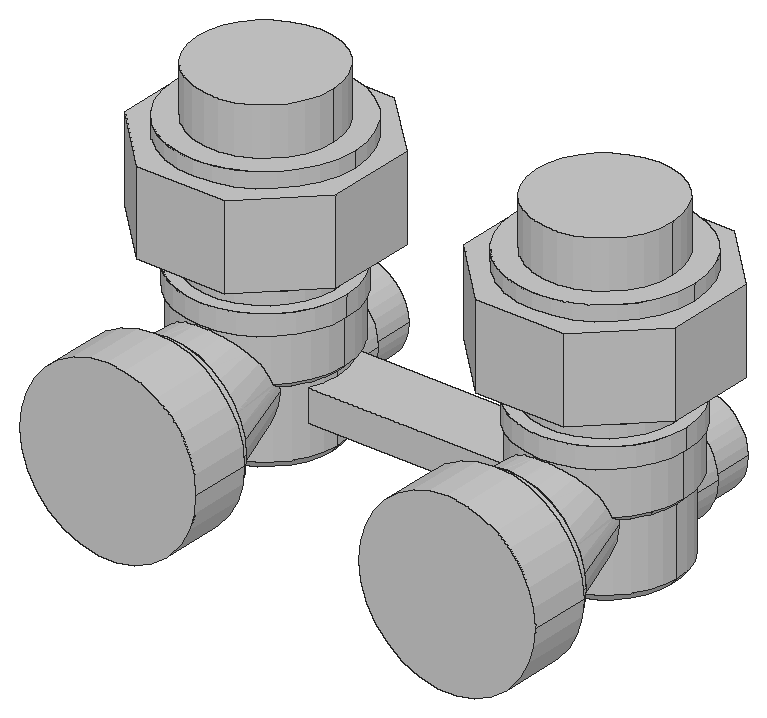
Revit family "ME_Оборудование [узел угловой для нижнего подключения радиатора с комплектом адаптеров VT.345.KNA]1 - VALTEC", category Оборудование, Revit 2018
Family settings
  Размер круглого соединителя = Использовать диаметр
  Классификация = Нет
  Тип детали = Вставляется
  На основе рабочей плоскости = Нет
  Всегда вертикально = Да
  При загрузке вырезать с полостями = Нет
  Общий = Нет
  Точка расчета площади = Нет
Parameters (values of type "VT.345.KNA")
  Таблица 2 = "ME_Оборудование [узел угловой для нижнего подключения радиатора с комплектом адаптеров VT.345.KNA] - VALTEC - Таблица 2"  # constant formula
  Таблица 1 = "ME_Оборудование [узел угловой для нижнего подключения радиатора с комплектом адаптеров VT.345.KNA] - VALTEC - Таблица 1"  # constant formula
  Материал доп.2 = Латунь - VALTEC
  Материал доп.1 = Черный - VALTEC
  Изготовитель = "VALTEC"  # constant formula
  dn9 [instance] = size_lookup(Таблица 1, "dn9", 0 mm, d1, d2)  # 23.3 mm
  dn8 [instance] = size_lookup(Таблица 1, "dn8", 0 mm, d1, d2)  # 26 mm
  dn7 [instance] = size_lookup(Таблица 1, "dn7", 0 mm, d1, d2)  # 31.2 mm
  dn6 [instance] = size_lookup(Таблица 1, "dn6", 0 mm, d1, d2)  # 19.6 mm
  dn15 [instance] = size_lookup(Таблица 1, "dn15", 0 mm, d1, d2)  # 20 mm
  dn14 [instance] = size_lookup(Таблица 1, "dn14", 0 mm, d1, d2)  # 26.5 mm
  dn13 [instance] = size_lookup(Таблица 1, "dn13", 0 mm, d1, d2)  # 13.5 mm
  dn12 [instance] = size_lookup(Таблица 1, "dn12", 0 mm, d1, d2)  # 15.3 mm
  dn11 [instance] = size_lookup(Таблица 1, "dn11", 0 mm, d1, d2)  # 12.5 mm
  dn10 [instance] = size_lookup(Таблица 1, "dn10", 0 mm, d1, d2)  # 20.1 mm
  e7 [instance] = size_lookup(Таблица 1, "e7", 0 mm, d1, d2)  # 8.8 mm
  e6 [instance] = size_lookup(Таблица 1, "e6", 0 mm, d1, d2)  # 2.1 mm
  e5 [instance] = size_lookup(Таблица 1, "e5", 0 mm, d1, d2)  # 0.9 mm
  e4 [instance] = size_lookup(Таблица 1, "e4", 0 mm, d1, d2)  # 17.2 mm
  e3 [instance] = size_lookup(Таблица 1, "e3", 0 mm, d1, d2)  # 11.2 mm
  d2 [instance] = 15 mm
  c3 [instance] = size_lookup(Таблица 1, "c3", 0 mm, d1, d2)  # 4.6 mm
  c2 [instance] = size_lookup(Таблица 1, "c2", 0 mm, d1, d2)  # 4.3 mm
  c1 [instance] = size_lookup(Таблица 1, "c1", 0 mm, d1, d2)  # 6.2 mm
  a9 [instance] = size_lookup(Таблица 1, "a9", 0 mm, d1, d2)  # 12.2 mm
  a8 [instance] = size_lookup(Таблица 1, "a8", 0 mm, d1, d2)  # 3.2 mm
  a7 [instance] = size_lookup(Таблица 1, "a7", 0 mm, d1, d2)  # 1.8 mm
  a6 [instance] = size_lookup(Таблица 1, "a6", 0 mm, d1, d2)  # 3 mm
  a5 [instance] = size_lookup(Таблица 1, "a5", 0 mm, d1, d2)  # 6.6 mm
  a4 [instance] = size_lookup(Таблица 1, "a4", 0 mm, d1, d2)  # 0.9 mm
  a3 [instance] = size_lookup(Таблица 1, "a3", 0 mm, d1, d2)  # 3 mm
  a2 [instance] = size_lookup(Таблица 1, "a2", 0 mm, d1, d2)  # 6.9 mm
  a11 [instance] = size_lookup(Таблица 1, "a11", 0 mm, d1, d2)  # 7 mm
  a10 [instance] = size_lookup(Таблица 1, "a10", 0 mm, d1, d2)  # 2.2 mm
  E [instance] = size_lookup(Таблица 1, "E", 0 mm, d1, d2)  # 47 mm
  D [instance] = size_lookup(Таблица 1, "D", 0 mm, d1, d2)  # 42 mm
  C [instance] = size_lookup(Таблица 1, "C", 0 mm, d1, d2)  # 26 mm
  B [instance] = size_lookup(Таблица 1, "B", 0 mm, d1, d2)  # 50 mm
  e2 [instance] = size_lookup(Таблица 1, "e2", 0 mm, d1, d2)  # 0.8 mm
  dn5 [instance] = size_lookup(Таблица 1, "dn5", 0 mm, d1, d2)  # 20.3 mm
  dn4 [instance] = size_lookup(Таблица 1, "dn4", 0 mm, d1, d2)  # 24.1 mm
  dn3 [instance] = size_lookup(Таблица 1, "dn3", 0 mm, d1, d2)  # 23.3 mm
  dn2 [instance] = size_lookup(Таблица 1, "dn2", 0 mm, d1, d2)  # 21.3 mm
  dn1 [instance] = size_lookup(Таблица 1, "dn1", 0 mm, d1, d2)  # 19.7 mm
  d1 [instance] = 20 mm
  e1 [instance] = size_lookup(Таблица 1, "e1", 0 mm, d1, d2)  # 5.9 mm
  a1 [instance] = size_lookup(Таблица 1, "a1", 0 mm, d1, d2)  # 1 mm
  URL = "https://valtec.ru/"
  ADSK_Расход жидкости [instance] = 0.0 L/s
  ADSK_Примечание [instance] = ""
  ADSK_Потеря давления жидкости [instance] = 0.0 Pa
  ADSK_Позиция [instance] = ""
  ADSK_Обозначение [instance] = "VT.345.KNA"  # constant formula
  ADSK_Наименование [instance] = size_lookup(Таблица 1, "", "Данный типоразмер отсутствует", d1, d2)  # "Узел угловой для нижнего подключения радиатора с комплектом адаптеров, 1/2\" x 3/4\" «евроконус»"
  ADSK_Материал = Сталь, нержавеющая - VALTEC
  ADSK_Масса [instance] = 0
  ADSK_Марка [instance] = size_lookup(Таблица 2, "", "Данный типоразмер отсутствует", d1, d2)  # "VT.345.KNA.E04"
  ADSK_Код изделия [instance] = size_lookup(Таблица 2, "", "Данный типоразмер отсутствует", d1, d2)  # "VT.345.KNA.E04"
  ADSK_Завод-изготовитель [instance] = Изготовитель  # "VALTEC"
  ADSK_Единица измерения [instance] = "шт."  # constant formula
  ADSK_URL страницы изделия = "https://valtec.ru/catalog/radiatornaya_armatura/ruchnye_klapany_dlya_radiatorov/uzel_nijnego_podklyucheniya_radiatora_uglovoj.html"
  ADSK_URL документации изделия = "https://valtec.ru/document/technical/VT.345-r-k-na-kna-0119.pdf"
  A [instance] = size_lookup(Таблица 1, "A", 0 mm, d1, d2)  # 35 mm
Reference planes
  plane 1 "По центру (Вперед/Назад)": y = 0
  plane 2: z = 0
  plane 3 "По центру (Влево/Вправо)": x = 0
  plane 4: x = -25
  plane 5: z = 10.5
  plane 6: z = 3.9
  plane 7: x = 25
  plane 8: z = -7.9
  plane 9: z = -6.9
  plane 10: z = 3
  plane 11: z = 13.5
  plane 12: z = 15.3
  plane 13: z = 18.5
  plane 14: z = 30.7
  plane 15: z = 32.9
  plane 16: z = 39.9
  plane 17 "c1": z = 2.3
  plane 18 "c2": z = -2.3
  plane 19: y = -4.3
  plane 20: y = 6.2
  plane 21: y = 11.2
  plane 22: y = 12
  plane 23: y = 17.9
  plane 24: y = -17.2
  plane 25: y = -18.1
  plane 26: y = -20.2
  plane 27: y = -29
  plane 28: z = 3.8
  plane 29: z = 3.8
  plane 30: y = 19.871
  plane 31: x = -25.688
  plane 32: x = -24.312
  plane 33: x = 25.688
  plane 34: x = 24.312
Forms (mm)
  Extrusion 1, solid, material "Сталь, нержавеющая - VALTEC" <- "ADSK_Материал", detail levels medium+fine
    sketch origin (0, 0, 0) x (1, 0, 0) y (0, 1, 0)
      loop
        circle (-25, 0) r 10.65
      loop
        circle (25, 0) r 10.65
    from -6.9 to 3
  Blend 2, solid, material "Сталь, нержавеющая - VALTEC" <- "ADSK_Материал", detail levels medium+fine
    base sketch origin (0, 0, 0) x (1, 0, 0) y (0, 1, 0)
      loop
        circle (-25, 0) r 9.85
    top sketch origin (0, 0, 0) x (1, 0, 0) y (0, 1, 0)
      loop
        circle (-25, 0) r 10.65
    from -7.9 to -6.9
  Blend 3, solid, material "Сталь, нержавеющая - VALTEC" <- "ADSK_Материал", detail levels medium+fine
    base sketch origin (50, 0, 0) x (1, 0, 0) y (0, 1, 0)
      loop
        circle (-25, 0) r 9.85
    top sketch origin (50, 0, 0) x (1, 0, 0) y (0, 1, 0)
      loop
        circle (-25, 0) r 10.65
    from -7.9 to -6.9
  Blend 4, solid, material "Сталь, нержавеющая - VALTEC" <- "ADSK_Материал", detail levels medium+fine
    base sketch origin (0, 0, 0) x (1, 0, 0) y (0, 1, 0)
      loop
        circle (-25, 0) r 10.65
    top sketch origin (0, 0, 0) x (1, 0, 0) y (0, 1, 0)
      loop
        circle (-25, 0) r 11.65
    from 3 to 3.9
  Blend 5, solid, material "Сталь, нержавеющая - VALTEC" <- "ADSK_Материал", detail levels medium+fine
    base sketch origin (50, 0, 0) x (1, 0, 0) y (0, 1, 0)
      loop
        circle (-25, 0) r 10.65
    top sketch origin (50, 0, 0) x (1, 0, 0) y (0, 1, 0)
      loop
        circle (-25, 0) r 11.65
    from 3 to 3.9
  Extrusion 6, solid, material "Сталь, нержавеющая - VALTEC" <- "ADSK_Материал", detail levels medium+fine
    sketch origin (0, 0, 0) x (1, 0, 0) y (0, 1, 0)
      loop
        circle (25, 0) r 11.65
      loop
        circle (-25, 0) r 11.65
    from 3.9 to 10.5
  Extrusion 7, solid, material "Сталь, нержавеющая - VALTEC" <- "ADSK_Материал", detail levels medium+fine
    sketch origin (0, 0, 0) x (1, 0, 0) y (0, 1, 0)
      loop
        circle (25, 0) r 12.05
      loop
        circle (-25, 0) r 12.05
    from 10.5 to 13.5
  Extrusion 8, solid, material "Сталь, нержавеющая - VALTEC" <- "ADSK_Материал", detail levels medium+fine
    sketch origin (0, 0, 0) x (1, 0, 0) y (0, 1, 0)
      loop
        circle (-25, 0) r 10.15
      loop
        circle (25, 0) r 10.15
    from 13.5 to 15.3
  Extrusion 9, solid, material "Сталь, нержавеющая - VALTEC" <- "ADSK_Материал", detail levels medium+fine
    sketch origin (0, 0, 0) x (1, 0, 0) y (0, 1, 0)
      loop
        circle (-25, 0) r 9.8
      loop
        circle (25, 0) r 9.8
    from 18.5 to 15.3
  Extrusion 10, solid, material "Сталь, нержавеющая - VALTEC" <- "ADSK_Материал", detail levels medium+fine
    sketch origin (0, 0, 0) x (1, 0, 0) y (0, 1, 0)
      loop
        circle (-25, 0) r 13.25
      loop
        circle (25, 0) r 13.25
    from 30.7 to 32.9
  Extrusion 11, solid, material "Сталь, нержавеющая - VALTEC" <- "ADSK_Материал", detail levels medium+fine
    sketch origin (0, 0, 0) x (1, 0, 0) y (0, 1, 0)
      loop
        circle (-25, 0) r 10
      loop
        circle (25, 0) r 10
    from 32.9 to 39.9
  Extrusion 12, solid, material "Сталь, нержавеющая - VALTEC" <- "ADSK_Материал", detail levels medium+fine
    sketch origin (0, 0, 0) x (1, 0, 0) y (0, 0, 1)
      loop
        line (-25, 2.3) -> (-25, -2.3) -> (25, -2.3) -> (25, 2.3) -> (-25, 2.3)
    from -6.2 to 4.3
  Extrusion 13, solid, material "Сталь, нержавеющая - VALTEC" <- "ADSK_Материал", detail levels medium+fine
    sketch origin (0, 0, 0) x (1, 0, 0) y (0, 0, 1)
      loop
        circle (-25, 0) r 6.75
      loop
        circle (25, 0) r 6.75
    from -17.9 to -12
  Blend 14, solid, material "Сталь, нержавеющая - VALTEC" <- "ADSK_Материал", detail levels medium+fine
    base sketch origin (0, 0, 0) x (1, 0, 0) y (0, 0, 1)
      loop
        circle (-25, 0) r 6.75
    top sketch origin (0, 0, 0) x (1, 0, 0) y (0, 0, 1)
      loop
        circle (-25, 0) r 7.65
    from -12 to -11.2
  Blend 15, solid, material "Сталь, нержавеющая - VALTEC" <- "ADSK_Материал", detail levels medium+fine
    base sketch origin (50, 0, 0) x (1, 0, 0) y (0, 0, 1)
      loop
        circle (-25, 0) r 6.75
    top sketch origin (50, 0, 0) x (1, 0, 0) y (0, 0, 1)
      loop
        circle (-25, 0) r 7.65
    from -12 to -11.2
  Extrusion 16, solid, material "Сталь, нержавеющая - VALTEC" <- "ADSK_Материал", detail levels medium+fine
    sketch origin (0, 0, 0) x (1, 0, 0) y (0, 0, 1)
      loop
        circle (-25, 0) r 7.65
      loop
        circle (25, 0) r 7.65
    from -11.2 to 0
  Blend 17, solid, material "Сталь, нержавеющая - VALTEC" <- "ADSK_Материал", detail levels medium+fine
    base sketch origin (0, 0, 0) x (1, 0, 0) y (0, 0, 1)
      loop
        circle (-25, 0) r 10.05
    top sketch origin (0, 0, 0) x (1, 0, 0) y (0, 0, 1)
      loop
        circle (-25, 3.8) r 6.25
    from 17.2 to 0
  Blend 18, solid, material "Сталь, нержавеющая - VALTEC" <- "ADSK_Материал", detail levels medium+fine
    base sketch origin (50, 0, 0) x (1, 0, 0) y (0, 0, 1)
      loop
        circle (-25, 0) r 10.05
    top sketch origin (50, 0, 0) x (1, 0, 0) y (0, 0, 1)
      loop
        circle (-25, 3.8) r 6.25
    from 17.2 to 0
  Blend 19, solid, material "Сталь, нержавеющая - VALTEC" <- "ADSK_Материал", detail levels medium+fine
    base sketch origin (0, 0, 0) x (1, 0, 0) y (0, 0, 1)
      loop
        circle (-25, 0) r 11.65
    top sketch origin (0, 0, 0) x (1, 0, 0) y (0, 0, 1)
      loop
        circle (-25, 0) r 10.05
    from 18.1 to 17.2
  Blend 20, solid, material "Сталь, нержавеющая - VALTEC" <- "ADSK_Материал", detail levels medium+fine
    base sketch origin (50, 0, 0) x (1, 0, 0) y (0, 0, 1)
      loop
        circle (-25, 0) r 11.65
    top sketch origin (50, 0, 0) x (1, 0, 0) y (0, 0, 1)
      loop
        circle (-25, 0) r 10.05
    from 18.1 to 17.2
  Extrusion 21, solid, material "Сталь, нержавеющая - VALTEC" <- "ADSK_Материал", detail levels medium+fine
    sketch origin (0, 0, 0) x (1, 0, 0) y (0, 0, 1)
      loop
        circle (-25, 0) r 11.65
      loop
        circle (25, 0) r 11.65
    from 18.1 to 20.2
  Extrusion 22, solid, material "Сталь, нержавеющая - VALTEC" <- "ADSK_Материал", detail levels medium+fine
    sketch origin (0, 0, 0) x (1, 0, 0) y (0, 0, 1)
      loop
        circle (-25, 0) r 13
      loop
        circle (25, 0) r 13
    from 20.2 to 29
  Extrusion 23, solid, material "Латунь - VALTEC" <- "Материал доп.2", detail levels medium+fine
    sketch origin (0, 0, 0) x (1, 0, 0) y (0, 0, 1)
      loop
        circle (-25, 0) r 3.96
      loop
        circle (25, 0) r 4
    from -19.871 to -17.9
  Extrusion 24, void
    sketch origin (0, 0, 0) x (1, 0, 0) y (0, 1, 0)
      loop
        line (-25.688, 19.871) -> (-25.688, 17.9) -> (-24.312, 17.9) -> (-24.312, 19.871) -> (-25.688, 19.871)
      loop
        line (24.312, 19.871) -> (24.312, 17.9) -> (25.688, 17.9) -> (25.688, 19.871) -> (24.312, 19.871)
    from -5 to 5
Cuts and joins
  Extrusion 24 cuts Extrusion 1
  Extrusion 24 cuts Blend 2
  Extrusion 24 cuts Blend 3
  Extrusion 24 cuts Blend 4
  Extrusion 24 cuts Blend 5
  Extrusion 24 cuts Extrusion 6
  Extrusion 24 cuts Extrusion 7
  Extrusion 24 cuts Extrusion 8
  Extrusion 24 cuts Extrusion 9
  Extrusion 24 cuts Extrusion 10
  Extrusion 24 cuts Extrusion 11
  Extrusion 24 cuts Extrusion 12
  Extrusion 24 cuts Extrusion 13
  Extrusion 24 cuts Blend 14
  Extrusion 24 cuts Blend 15
  Extrusion 24 cuts Extrusion 16
  Extrusion 24 cuts Blend 17
  Extrusion 24 cuts Blend 18
  Extrusion 24 cuts Extrusion 21
  Extrusion 24 cuts Extrusion 22
  joined: Extrusion 1, Blend 2, Blend 3, Blend 4, Blend 5, Extrusion 6, Extrusion 7, Extrusion 8, Extrusion 9, Extrusion 10, Extrusion 11, Extrusion 12, Extrusion 13, Blend 14, Blend 15, Extrusion 16, Blend 17, Blend 18, Extrusion 21, Extrusion 22
  Extrusion 24 cuts Extrusion 23
Lines and regions (mm)
  reference lines
    curve 1: line (25, -20.2, 0) -> (25, 0, 0)
    curve 2: line (-25, -20.2, 0) -> (-25, 0, 0)
    curve 3: line (-25, 0, 30.7) -> (-25, 0, 0)
    curve 4: line (25, 0, 30.7) -> (25, 0, 0)
  model lines, detail levels coarse
    curve 5: line (25, -20.2, -15) -> (25, -20.2, 15)
    curve 6: line (25, -20.2, -15) -> (25, 0, 0)
    curve 7: line (25, -20.2, 15) -> (25, 0, 0)
    curve 8: line (25, 15, 20.2) -> (25, -15, 20.2)
    curve 9: line (25, 0, 0) -> (25, 15, 20.2)
    curve 10: line (25, 0, 0) -> (25, -15, 20.2)
    curve 11: line (25, 0, 20.2) -> (25, 0, 42.2)
    curve 12: line (25, -29, 0) -> (25, -20.2, 0)
    curve 13: line (-25, -20.2, -15) -> (-25, -20.2, 15)
    curve 14: line (-25, 15, 20.2) -> (-25, -15, 20.2)
    curve 15: line (-25, 0, 0) -> (-25, -15, 20.2)
    curve 16: line (-25, 0, 0) -> (-25, 15, 20.2)
    curve 17: line (-25, 0, 0) -> (-25, -20.2, 15)
    curve 18: line (-25, 0, 0) -> (-25, -20.2, -15)
    curve 19: line (-25, -29, 0) -> (-25, -20.2, 0)
    curve 20: line (-25, 0, 20.2) -> (-25, 0, 42.2)
  symbolic lines, detail levels coarse
    curve 21: line (-25, -29, 0) -> (-25, 0, 0)
    curve 22: line (25, -29, 0) -> (25, 0, 0)
Dimensions and locks
  equal spacing: plane 7, plane 3 "По центру (Влево/Вправо)", plane 4
  "B": plane 7 to plane 4
  "a1": plane 9 to plane 8
  "a2": plane 2 to plane 9
  "a3": plane 10 to plane 2
  "a4": plane 6 to plane 10
  "a5": plane 5 to plane 6
  "a6": plane 11 to plane 5
  "a7": plane 12 to plane 11
  "a8": plane 13 to plane 12
  "a9": plane 14 to plane 13
  "a10": plane 15 to plane 14
  "a11": plane 16 to plane 15
  equal spacing: plane 17 "c1", level, plane 18 "c2"
  "c3": plane 17 "c1" to plane 18 "c2"
  "c1": plane 1 "По центру (Вперед/Назад)" to plane 20
  "c2": plane 19 to plane 1 "По центру (Вперед/Назад)"
  "e3": plane 21 to plane 1 "По центру (Вперед/Назад)"
  "e2": plane 22 to plane 21
  "e1": plane 23 to plane 22
  "e4": plane 1 "По центру (Вперед/Назад)" to plane 24
  "e5": plane 24 to plane 25
  "e6": plane 25 to plane 26
  "e7": plane 26 to plane 27
  locked: plane 28 to plane 17 "c1" at 1.5
  locked: plane 29 to level at 3.8
  locked: plane 30 to plane 23 at 1.971
  locked: plane 31 to plane 4 at 0.688
  locked: plane 4 to plane 32 at 0.688
  locked: plane 34 to plane 7 at 0.688
  locked: plane 7 to plane 33 at 0.688
  locked: curve 8 to level at 20.2
  curve 8 to plane 1 "По центру (Вперед/Назад)" to curve 8 = 15 mm locked, 15 mm locked
  curve 7 to level to curve 6 = 15 mm locked, 15 mm locked
  locked: curve 14 to level at 20.2
  curve 13 to level to curve 13 = 15 mm locked, 15 mm locked
  curve 15 to plane 1 "По центру (Вперед/Назад)" to curve 16 = 15 mm locked, 15 mm locked
  "dn2": diameter of Extrusion 1 sketch curve  (x2)
  "dn1": diameter of Blend 2 sketch curve
  "dn2": diameter of Blend 2 sketch curve
  "dn1": diameter of Blend 3 sketch curve
  "dn2": diameter of Blend 3 sketch curve
  "dn2": diameter of Blend 4 sketch curve
  "dn3": diameter of Blend 4 sketch curve
  "dn2": diameter of Blend 5 sketch curve
  "dn3": diameter of Blend 5 sketch curve
  "dn3": diameter of Extrusion 6 sketch curve  (x2)
  "dn4": diameter of Extrusion 7 sketch curve  (x2)
  "dn5": diameter of Extrusion 8 sketch curve  (x2)
  "dn6": diameter of Extrusion 9 sketch curve  (x2)
  "dn14": diameter of Extrusion 10 sketch curve  (x2)
  "dn15": diameter of Extrusion 11 sketch curve  (x2)
  "dn13": diameter of Extrusion 13 sketch curve  (x2)
  "dn13": diameter of Blend 14 sketch curve
  "dn12": diameter of Blend 14 sketch curve
  "dn13": diameter of Blend 15 sketch curve
  "dn12": diameter of Blend 15 sketch curve
  "dn12": diameter of Extrusion 16 sketch curve  (x2)
  "dn10": diameter of Blend 17 sketch curve
  "dn11": diameter of Blend 17 sketch curve
  "dn10": diameter of Blend 18 sketch curve
  "dn11": diameter of Blend 18 sketch curve
  "dn9": diameter of Blend 19 sketch curve
  "dn10": diameter of Blend 19 sketch curve
  "dn9": diameter of Blend 20 sketch curve
  "dn10": diameter of Blend 20 sketch curve
  "dn9": diameter of Extrusion 21 sketch curve  (x2)
  "dn8": diameter of Extrusion 22 sketch curve  (x2)
  diameter of Extrusion 23 sketch curve = 7.92 mm
  diameter of Extrusion 23 sketch curve = 8 mm
  aligned and locked: level to plane 2
  aligned and locked: plane 7 to Extrusion 1 sketch curve
  aligned and locked: plane 4 to Extrusion 1 sketch curve
  aligned and locked: plane 1 "По центру (Вперед/Назад)" to Extrusion 1 sketch curve  (x2)
  aligned and locked: plane 1 "По центру (Вперед/Назад)" to Blend 2 sketch curve  (x2)
  aligned and locked: plane 4 to Blend 2 sketch curve  (x2)
  aligned and locked: plane 1 "По центру (Вперед/Назад)" to Blend 3 sketch curve  (x2)
  aligned and locked: plane 7 to Blend 3 sketch curve  (x2)
  aligned and locked: plane 9 to Blend 3
  aligned and locked: Blend 3 to plane 8
  aligned and locked: Extrusion 1 to plane 9
  aligned and locked: plane 10 to Extrusion 1
  aligned and locked: Blend 2 to plane 8
  aligned and locked: plane 9 to Blend 2
  aligned and locked: plane 1 "По центру (Вперед/Назад)" to Blend 4 sketch curve  (x2)
  aligned and locked: plane 4 to Blend 4 sketch curve  (x2)
  aligned and locked: plane 1 "По центру (Вперед/Назад)" to Blend 5 sketch curve  (x2)
  aligned and locked: plane 7 to Blend 5 sketch curve  (x2)
  aligned and locked: plane 1 "По центру (Вперед/Назад)" to Extrusion 6 sketch curve
  aligned and locked: plane 7 to Extrusion 6 sketch curve
  aligned and locked: plane 4 to Extrusion 6 sketch curve
  aligned and locked: Blend 4 to plane 10
  aligned and locked: plane 6 to Blend 4
  aligned and locked: Blend 5 to plane 10
  aligned and locked: plane 6 to Blend 5
  aligned and locked: Extrusion 6 to plane 6
  aligned and locked: plane 5 to Extrusion 6
  aligned and locked: plane 7 to Extrusion 7 sketch curve
  aligned and locked: plane 1 "По центру (Вперед/Назад)" to Extrusion 7 sketch curve  (x2)
  aligned and locked: plane 4 to Extrusion 7 sketch curve
  aligned and locked: Extrusion 7 to plane 5
  aligned and locked: plane 11 to Extrusion 7
  aligned and locked: plane 4 to Extrusion 8 sketch curve
  aligned and locked: plane 7 to Extrusion 8 sketch curve
  aligned and locked: plane 1 "По центру (Вперед/Назад)" to Extrusion 8 sketch curve  (x2)
  aligned and locked: plane 4 to Extrusion 9 sketch curve
  aligned and locked: plane 1 "По центру (Вперед/Назад)" to Extrusion 9 sketch curve  (x2)
  aligned and locked: plane 7 to Extrusion 9 sketch curve
  aligned and locked: Extrusion 8 to plane 11
  aligned and locked: Extrusion 9 to plane 12
  aligned and locked: plane 13 to Extrusion 9
  aligned and locked: plane 12 to Extrusion 8
  aligned and locked: plane 4 to nested 1
  aligned and locked: plane 1 "По центру (Вперед/Назад)" to nested 1
  aligned and locked: plane 1 "По центру (Вперед/Назад)" to nested 2
  aligned and locked: nested 2 to plane 7
  aligned and locked: nested 1 to plane 13
  aligned and locked: nested 2 to plane 13
  aligned and locked: plane 4 to Extrusion 10 sketch curve
  aligned and locked: plane 1 "По центру (Вперед/Назад)" to Extrusion 10 sketch curve  (x2)
  aligned and locked: plane 7 to Extrusion 10 sketch curve
  aligned and locked: plane 4 to Extrusion 11 sketch curve
  aligned and locked: plane 1 "По центру (Вперед/Назад)" to Extrusion 11 sketch curve  (x2)
  aligned and locked: plane 7 to Extrusion 11 sketch curve
  aligned and locked: Extrusion 10 to plane 14
  aligned and locked: plane 15 to Extrusion 10
  aligned and locked: Extrusion 11 to plane 16
  aligned and locked: Extrusion 12 sketch curve to plane 17 "c1"
  aligned and locked: plane 4 to Extrusion 12 sketch curve
  aligned and locked: plane 18 "c2" to Extrusion 12 sketch curve
  aligned and locked: plane 7 to Extrusion 12 sketch curve
  aligned and locked: plane 20 to Extrusion 12
  aligned and locked: plane 19 to Extrusion 12
  aligned and locked: plane 7 to Extrusion 13 sketch curve
  aligned and locked: level to Extrusion 13 sketch curve  (x2)
  aligned and locked: plane 4 to Blend 14 sketch curve  (x2)
  aligned and locked: level to Blend 14 sketch curve  (x2)
  aligned and locked: level to Blend 15 sketch curve  (x2)
  aligned and locked: plane 7 to Blend 15 sketch curve  (x2)
  aligned and locked: Extrusion 13 to plane 22
  aligned and locked: plane 23 to Extrusion 13
  aligned and locked: plane 22 to Blend 14
  aligned and locked: Blend 14 to plane 21
  aligned and locked: plane 22 to Blend 15
  aligned and locked: Blend 15 to plane 21
  aligned and locked: plane 4 to Extrusion 16 sketch curve
  aligned and locked: level to Extrusion 16 sketch curve  (x2)
  aligned and locked: plane 7 to Extrusion 16 sketch curve
  aligned and locked: plane 21 to Extrusion 16
  aligned and locked: plane 1 "По центру (Вперед/Назад)" to Extrusion 16
  aligned and locked: plane 4 to Blend 17 sketch curve  (x2)
  aligned and locked: level to Blend 17 sketch curve
  aligned and locked: Blend 17 to plane 24  (x2)
  aligned and locked: plane 28 to Blend 17 sketch curve
  aligned and locked: plane 29 to Blend 18 sketch curve
  aligned and locked: plane 7 to Blend 18 sketch curve  (x2)
  aligned and locked: level to Blend 18 sketch curve
  aligned and locked: Blend 18 to plane 1 "По центру (Вперед/Назад)"
  aligned and locked: Blend 17 to plane 1 "По центру (Вперед/Назад)"
  aligned and locked: Blend 18 to plane 24
  aligned and locked: level to Blend 19 sketch curve  (x2)
  aligned and locked: plane 4 to Blend 19 sketch curve  (x2)
  aligned and locked: level to Blend 20 sketch curve  (x2)
  aligned and locked: plane 7 to Blend 20 sketch curve  (x2)
  aligned and locked: Blend 19 to plane 25
  aligned and locked: plane 24 to Blend 20
  aligned and locked: Blend 20 to plane 25
  aligned and locked: plane 4 to Extrusion 21 sketch curve
  aligned and locked: level to Extrusion 21 sketch curve  (x2)
  aligned and locked: plane 7 to Extrusion 21 sketch curve
  aligned and locked: plane 4 to Extrusion 22 sketch curve
  aligned and locked: plane 7 to Extrusion 22 sketch curve
  aligned and locked: level to Extrusion 22 sketch curve  (x2)
  aligned and locked: plane 25 to Extrusion 21
  aligned and locked: Extrusion 21 to plane 26
  aligned and locked: plane 26 to Extrusion 22
  aligned and locked: plane 4 to Extrusion 23 sketch curve
  aligned and locked: level to Extrusion 23 sketch curve  (x2)
  aligned and locked: plane 7 to Extrusion 23 sketch curve
  aligned and locked: Extrusion 23 to plane 23
  aligned and locked: plane 30 to Extrusion 23
  aligned and locked: Extrusion 24 sketch curve to plane 30  (x2)
  aligned and locked: plane 31 to Extrusion 24 sketch curve
  aligned and locked: plane 23 to Extrusion 24 sketch curve  (x2)
  aligned and locked: plane 32 to Extrusion 24 sketch curve
  aligned and locked: plane 33 to Extrusion 24 sketch curve
  aligned and locked: plane 34 to Extrusion 24 sketch curve
  aligned and locked: plane 1 "По центру (Вперед/Назад)" to curve 2
  aligned and locked: plane 26 to curve 2
  aligned and locked: plane 1 "По центру (Вперед/Назад)" to curve 1
  aligned and locked: plane 26 to curve 1
  aligned and locked: plane 4 to curve 2
  aligned and locked: curve 1 to plane 7
  aligned and locked: level to curve 3
  aligned and locked: plane 14 to curve 3
  aligned and locked: level to curve 4
  aligned and locked: plane 14 to curve 4
  aligned and locked: curve 3 to plane 4
  aligned and locked: plane 7 to curve 4
  aligned and locked: curve 5 to plane 26
  aligned and locked: cut or joined group 1 (Extrusion 1, Blend 2, Blend 3, Blend 4, Blend 5, Extrusion 6, Extrusion 7, Extrusion 8, Extrusion 9, Extrusion 10, Extrusion 11, Extrusion 12, Extrusion 13, Blend 14, Blend 15, Extrusion 16, Blend 17, Blend 18, Extrusion 21, Extrusion 22, Extrusion 24) to plane 14
  aligned and locked: curve 8 to curve 11
  aligned and locked: plane 1 "По центру (Вперед/Назад)" to curve 11
  aligned and locked: plane 26 to curve 12
  aligned and locked: plane 27 to curve 12
  aligned and locked: level to curve 12
  aligned and locked: plane 26 to curve 13
  aligned and locked: curve 14 to curve 20
  aligned and locked: curve 20 to plane 1 "По центру (Вперед/Назад)"
  aligned and locked: plane 26 to curve 19
  aligned and locked: plane 27 to curve 19
  aligned and locked: curve 19 to level
  aligned and locked: plane 27 to curve 22
  aligned and locked: plane 27 to curve 21
  aligned and locked: plane 1 "По центру (Вперед/Назад)" to curve 21
  aligned and locked: plane 1 "По центру (Вперед/Назад)" to curve 22
  aligned and locked: curve 22 to plane 7
  aligned and locked: plane 4 to curve 21
  aligned and locked: cut or joined group 1 to plane 15
  aligned and locked: plane 16 to cut or joined group 1
Automatic sketch dimensions
  plane 1 "По центру (Вперед/Назад)" to Extrusion 6 sketch curve = 0 mm
  Extrusion 13 sketch curve to plane 4 = 0 mm
  curve 11 to plane 16 = 2.3 mm
  plane 16 to curve 20 = 2.3 mm
Nested families
  nested 1: "Гайка - вертикаль" at (-25, 0, 18.5) x (0.3827, 0.9239, 0) z (0, 0, 1), ADSK_Материал <- "ADSK_Материал", d <- "dn7", h <- "a9", type "Гайка - вертикаль", detail levels medium+fine
    with h 12.2 mm, d 31.2 mm, ADSK_Материал Сталь, нержавеющая - VALTEC
  nested 2: "Гайка - вертикаль" at (25, 0, 18.5) x (0.3827, 0.9239, 0) z (0, 0, 1), ADSK_Материал <- "ADSK_Материал", d <- "dn7", h <- "a9", type "Гайка - вертикаль", detail levels medium+fine
    with h 12.2 mm, d 31.2 mm, ADSK_Материал Сталь, нержавеющая - VALTEC
Connectors
  piping at (-25, -20.2, 0), diameter 20, driven by "d1", driven by "ADSK_Расход жидкости", driven by "ADSK_Потеря давления жидкости"
    settings: on curve 2, index 1, connector inside diameter 609.6 mm, connector length 0 mm, flow factor 0, pipe flow 0.0 L/s, pressure drop 0.0 Pa, fitting loss kfactor 0, connector angle 0.00°, fixture units 0, engagement length 0 mm, angle of deflection 0.00°, flow configuration 0, flow direction 0, fitting loss method 4, system type 29, joint type 0, gender type 0, connector reference index 3, connector utility 0, adjustable connector no, is connector primary yes, connector description ""
  piping at (25, -20.2, 0), diameter 20, driven by "d1", driven by "ADSK_Расход жидкости"
    settings: on curve 1, index 2, connector inside diameter 609.6 mm, connector length 0 mm, flow factor 0, pipe flow 0.0 L/s, pressure drop 0.0 Pa, fitting loss kfactor 0, connector angle 0.00°, fixture units 0, engagement length 0 mm, angle of deflection 0.00°, flow configuration 0, flow direction 0, fitting loss method 0, system type 29, joint type 0, gender type 0, connector reference index 4, connector utility 0, adjustable connector no, is connector primary no, connector description ""
  piping at (-25, 0, 30.7), diameter 15, driven by "d2", driven by "ADSK_Расход жидкости"
    settings: on curve 3, index 3, connector inside diameter 609.6 mm, connector length 0 mm, flow factor 0, pipe flow 0.0 L/s, pressure drop 0.0 Pa, fitting loss kfactor 0, connector angle 0.00°, fixture units 0, engagement length 0 mm, angle of deflection 0.00°, flow configuration 0, flow direction 0, fitting loss method 0, system type 29, joint type 0, gender type 0, connector reference index 1, connector utility 0, adjustable connector no, is connector primary no, connector description ""
  piping at (25, 0, 30.7), diameter 15, driven by "d2", driven by "ADSK_Расход жидкости"
    settings: on curve 4, index 4, connector inside diameter 609.6 mm, connector length 0 mm, flow factor 0, pipe flow 0.0 L/s, pressure drop 0.0 Pa, fitting loss kfactor 0, connector angle 0.00°, fixture units 0, engagement length 0 mm, angle of deflection 0.00°, flow configuration 0, flow direction 0, fitting loss method 0, system type 29, joint type 0, gender type 0, connector reference index 2, connector utility 0, adjustable connector no, is connector primary no, connector description ""
Definition of nested family "Гайка - вертикаль"
  Parameters (values of type "Гайка - вертикаль")
    h [instance] = 7.5 mm
    d [instance] = 11.918 mm
    ADSK_Материал [instance] = none
  Reference planes
    plane 1 "По центру (Вперед/Назад)": y = 0
    plane 2: z = 0
    plane 3 "По центру (Влево/Вправо)": x = 0
    plane 4: x = -6.45
    plane 5: x = 6.45
    plane 6: through (737.894, 1797.006, 1200) normal (0.9239, -0.3827, 0)
    plane 7: through (765.367, 1847.759, 1200) normal (0.9239, -0.3827, 0)
    plane 8: through (792.839, 1898.512, 1200) normal (0.9239, -0.3827, 0)
    plane 9: through (-737.894, 1797.006, 1200) normal (0.9239, 0.3827, 0)
    plane 10: through (-765.367, 1847.759, 1200) normal (0.9239, 0.3827, 0)
    plane 11: through (-792.839, 1898.512, 1200) normal (0.9239, 0.3827, 0)
    plane 12: through (1845.479, 770.872, 1200) normal (0.3827, -0.9239, 0)
    plane 13: through (1847.759, 765.367, 1200) normal (0.3827, -0.9239, 0)
    plane 14: through (1850.039, 759.861, 1200) normal (0.3827, -0.9239, 0)
    plane 15: through (-1845.479, 770.872, 1200) normal (0.3827, 0.9239, 0)
    plane 16: through (-1847.759, 765.367, 1200) normal (0.3827, 0.9239, 0)
    plane 17: through (-1850.039, 759.861, 1200) normal (0.3827, 0.9239, 0)
    plane 18: z = 7.5
  Forms (mm)
    Extrusion 1, solid, material <- "ADSK_Материал"
      sketch origin (0, 0, 0) x (1, 0, 0) y (0, 1, 0)
        loop
          line (0, 6.45) -> (-4.561, 4.561) -> (-6.45, 0) -> (-4.561, -4.561) -> (0, -6.45) -> (4.561, -4.561) -> (6.45, 0) -> (4.561, 4.561) -> (0, 6.45)
      from 0 to 7.5
  Lines and regions (mm)
    reference lines
      curve 1: line (-5.505, -2.28, 0) -> (5.505, 2.28, 0)
      curve 2: line (-2.28, 5.505, 0) -> (2.28, -5.505, 0)
  Dimensions and locks
    equal spacing: plane 4, plane 3 "По центру (Влево/Вправо)", plane 5
    locked: plane 4 to plane 5 at 12.9
    equal spacing: plane 6, plane 7, plane 8
    "d": plane 6 to plane 8
    equal spacing: plane 9, plane 10, plane 11
    "d": plane 9 to plane 11
    equal spacing: plane 12, plane 13, plane 14
    "d": plane 12 to plane 14
    equal spacing: plane 15, plane 16, plane 17
    "d": plane 15 to plane 17
    "h": plane 18 to plane 2
    aligned and locked: level to plane 2
    aligned and locked: plane 12 to Extrusion 1 sketch curve
    aligned and locked: plane 15 to Extrusion 1 sketch curve
    aligned and locked: plane 9 to Extrusion 1 sketch curve
    aligned and locked: Extrusion 1 sketch curve to plane 8
    aligned and locked: Extrusion 1 sketch curve to plane 14
    aligned and locked: Extrusion 1 sketch curve to plane 17
    aligned and locked: Extrusion 1 sketch curve to plane 11
    aligned and locked: plane 6 to Extrusion 1 sketch curve
    aligned and locked: plane 18 to Extrusion 1
    aligned and locked: plane 12 to curve 2
    aligned and locked: plane 14 to curve 2
    aligned and locked: plane 9 to curve 1
    aligned and locked: plane 11 to curve 1
    aligned and locked: curve 1 to plane 13
    aligned and locked: curve 2 to plane 10
